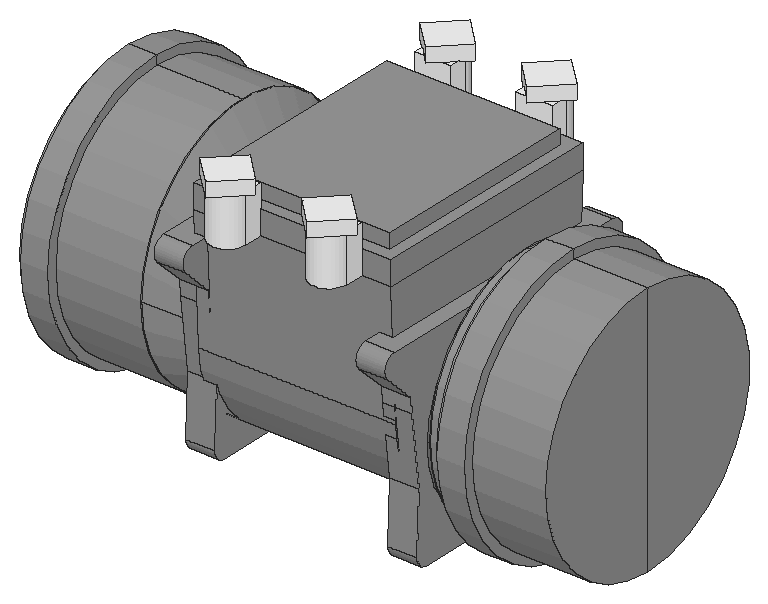
Revit family "HL_Механический канализационный затвор_HL720", category Příslušenství trubek, Revit 2016
Family settings
  Typ součásti = Normální
  Kóta kulaté spojky = Použít průměr
  Číslo OmniClass = 23.65.55.14.21
  Nadpis OmniClass = Non-Return Valves for Liquid Services
  Založené na pracovní rovině = Ne
  Vždy vertikální = Ano
  Ořezat dutým tvarem při načtení = Ne
  Sdílené = Ne
Parameters (values of type "HL_Механический канализационный затвор_HL720")
  РАЗМЕР = "DN200"
  ПРОПУСКНАЯ СПОСОБНОСТЬ [instance] = 0.0 m³/h
  ПРАВОВАЯ ИНФОРМАЦИЯ = "\"Авторские права(©), права на дизайн или какие либо другие права интелектуальной собственности являются исключительной собственностью компании HL Hutterer & Lechner. Изменению не подлежит. Файл семейства с данными о прозводителе изделия защищен паролем с водяным знаком.\""
  ПАДЕНИЕ ДАВЛЕНИЯ [instance] = 0.0 Pa
  НОМИНАЛЬНЫЙ ДИАМЕТР 2 = 200 mm
  НОМИНАЛЬНЫЙ ДИАМЕТР = 200 mm
  МАТЕРИАЛ = "ABS"
  ВЫСОТА МОНТАЖА = "246 mm"
  ВЕС = "4,06 kg"
  Výrobce = "HL Hutterer & Lechner GmbH"
  URL = "http://www.hutterer-lechner.com/ru/products/catalog/roof-drains/HL720.aspx"
  Popis = "Механический канализационный затвор"
  Model = "HL720"
  Komentáře k typům = "Механический канализационный затвор DN200 с автоматической заслонкой из нержавеющей стали."
  Keynote = "HL720"
  EAN = "9003076907205"
  Cena = 0
Types (2, lengths in mm): name | URL | Popis | Komentáře k typům
  (no name) | "http://www.hutterer-lechner.com/en/products/catalog/roof-drains/HL720.aspx" | "Anti flood valves" | "anti-flood valve DN200 with stainless steel flap"
  HL_Механический канализационный затвор_HL720 | "http://www.hutterer-lechner.com/ru/products/catalog/roof-drains/HL720.aspx" | "Механический канализационный затвор" | "Механический канализационный затвор DN200 с автоматической заслонкой из нержавеющей стали."
Values of the unnamed type that differ from the named types
  ПРАВОВАЯ ИНФОРМАЦИЯ = "\"Copyright (©), design rights or any other intellectual property rights, shall be the exclusive property of HL Hutterer & Lechner GmbH. Modification is not allowed. Family has been watermarked.\""
Reference planes
  plane 1 "Střed (vpředu/vzadu)": y = 0
  plane 2: z = 0
  plane 3 "Střed (vlevo/vpravo)": x = 0
Forms (mm)
  Extrusion 1, solid, material "Plastic - Orange", detail levels fine
    sketch origin (127, 0, 111.5) x (1, 0, 0) y (0, 1, 0)
      loop
        line (70, -88.309) -> (70, 88.309) -> (-73, 88.309) -> (-73, -88.309) -> (70, -88.309)
    from -12 to 0
  Extrusion 2, solid, material "Plastic - Orange", detail levels fine
    sketch origin (127, 0, 99.5) x (0, 1, 0) y (1, 0, 0)
      loop
        line (99.13, -83) -> (99.13, 80) -> (-98.87, 80) -> (-98.87, -83) -> (99.13, -83)
    from 0 to 20
  Sweep 3, solid, material "Plastic - Orange", detail levels fine
    path origin (127, 0, 111.5) x (1, 0, 0) y (0, 0, 1)
      loop
        line (80, -32) -> (-83, -32)
    profile origin (125.5, 0, 79.5) x (0, 0, -1) y (0, -1, 0)
      loop
        line (0, -99.13) -> (104.005, -94.138)
        arc (104.005, -94.138) -> (166.421, -64.809) -> (189.998, 0) r 90.409
        arc (189.998, 0) -> (166.421, 64.809) -> (104.005, 94.138) r 90.409
        line (104.005, 94.138) -> (0, 99.13) -> (0, 0) -> (0, -99.13)
  Extrusion 4, solid, material "Plactic - White", detail levels fine
    sketch origin (127, 0, 111.5) x (1, 0, 0) y (0, 1, 0)
      loop
        line (40.5, -136.497) -> (63.127, -113.87) -> (40.5, -91.242) -> (17.873, -113.87) -> (40.5, -136.497)
    from 7.235 to 19.235
  Extrusion 5, solid, material "Plactic - White", detail levels fine
    sketch origin (127, 0, 118.735) x (0, 1, 0) y (1, 0, 0)
      loop
        arc (-113.87, 55.5) -> (-128.87, 40.5) -> (-113.87, 25.5) r 15
        line (-113.87, 25.5) -> (-98.52, 25.5) -> (-98.52, 55.5) -> (-113.87, 55.5)
    from 0 to 39.235
  Extrusion 6, solid, material "Plactic - White", detail levels fine
    sketch origin (43, 0, 111.5) x (1, 0, 0) y (0, 1, 0)
      loop
        line (40.5, -136.497) -> (63.127, -113.87) -> (40.5, -91.242) -> (17.873, -113.87) -> (40.5, -136.497)
    from 7.235 to 19.235
  Extrusion 7, solid, material "Plactic - White", detail levels fine
    sketch origin (43, 0, 118.735) x (0, 1, 0) y (1, 0, 0)
      loop
        arc (-113.87, 55.5) -> (-128.87, 40.5) -> (-113.87, 25.5) r 15
        line (-113.87, 25.5) -> (-98.52, 25.5) -> (-98.52, 55.5) -> (-113.87, 55.5)
    from 0 to 39.235
  Extrusion 8, solid, material "Plactic - White", detail levels fine
    sketch origin (127, 0, 111.5) x (1, 0, 0) y (0, 1, 0)
      loop
        line (40.5, 136.497) -> (17.873, 113.87) -> (40.5, 91.242) -> (63.127, 113.87) -> (40.5, 136.497)
    from 7.235 to 19.235
  Extrusion 9, solid, material "Plactic - White", detail levels fine
    sketch origin (127, 0, 118.735) x (0, -1, 0) y (1, 0, 0)
      loop
        arc (-113.87, 55.5) -> (-128.87, 40.5) -> (-113.87, 25.5) r 15
        line (-113.87, 25.5) -> (-98.52, 25.5) -> (-98.52, 55.5) -> (-113.87, 55.5)
    from 0 to 39.235
  Extrusion 10, solid, material "Plactic - White", detail levels fine
    sketch origin (43, 0, 111.5) x (1, 0, 0) y (0, 1, 0)
      loop
        line (40.5, 136.497) -> (17.873, 113.87) -> (40.5, 91.242) -> (63.127, 113.87) -> (40.5, 136.497)
    from 7.235 to 19.235
  Extrusion 11, solid, material "Plactic - White", detail levels fine
    sketch origin (43, 0, 118.735) x (0, -1, 0) y (1, 0, 0)
      loop
        arc (-113.87, 55.5) -> (-128.87, 40.5) -> (-113.87, 25.5) r 15
        line (-113.87, 25.5) -> (-98.52, 25.5) -> (-98.52, 55.5) -> (-113.87, 55.5)
    from 0 to 39.235
  Extrusion 12, solid, material "Plastic - Orange", detail levels fine
    sketch origin (127, 0, 111.5) x (0, 1, 0) y (0, 0, 1)
      loop
        arc (-112.5, -69.599) -> (-121.739, -75.772) -> (-119.571, -86.67) r 10
        line (-119.571, -86.67) -> (-96.14, -110.101) -> (-95.533, -122.745) -> (-88.249, -181.291) -> (-90.006, -231.593)
        arc (-90.006, -231.593) -> (-87.075, -238.668) -> (-80, -241.599) r 10.006
        line (-80, -241.599) -> (0, -241.599) -> (80, -241.599)
        arc (80, -241.599) -> (87.075, -238.668) -> (90.006, -231.593) r 10.006
        line (90.006, -231.593) -> (88.249, -181.291) -> (95.533, -122.745) -> (96.14, -110.101) -> (119.571, -86.67)
        arc (119.571, -86.67) -> (121.739, -75.772) -> (112.5, -69.599) r 10
        line (112.5, -69.599) -> (0, -69.599) -> (-112.5, -69.599)
    from 70 to 94
  Extrusion 13, solid, material "Plastic - Orange", detail levels fine
    sketch origin (127, 0, 132.099) x (0, 1, 0) y (0, 0, 1)
      loop
        arc (-112.5, -69.599) -> (-121.739, -75.772) -> (-119.571, -86.67) r 10
        line (-119.571, -86.67) -> (-96.14, -110.101) -> (-95.533, -122.745) -> (-88.249, -181.291) -> (-90.006, -231.593)
        arc (-90.006, -231.593) -> (-87.075, -238.668) -> (-80, -241.599) r 10.006
        line (-80, -241.599) -> (0, -241.599) -> (80, -241.599)
        arc (80, -241.599) -> (87.075, -238.668) -> (90.006, -231.593) r 10.006
        line (90.006, -231.593) -> (88.249, -181.291) -> (95.533, -122.745) -> (96.14, -110.101) -> (119.571, -86.67)
        arc (119.571, -86.67) -> (121.739, -75.772) -> (112.5, -69.599) r 10
        line (112.5, -69.599) -> (0, -69.599) -> (-112.5, -69.599)
    from -97 to -73
  Revolve 14, solid, material "Plastic - Orange", detail levels fine
    sketch origin (127, 0, 111.5) x (1, 0, 0) y (0, 0, 1)
      loop
        line (-222, -111.5) -> (-122, -111.5) -> (-122, -6.5) -> (-193, -6.5) -> (-193, 0.981) -> (-215.833, 0.981) -> (-215.833, -6.5) -> (-222, -6.5) -> (-222, -111.5)
      axis (-122, -111.5) -> (-222, -111.5)
    angle from 0 to 360
  Blend 15, solid, material "Plastic - Orange", detail levels fine
    base sketch origin (127, 0, 111.5) x (0, 1, 0) y (0, 0, 1)
      loop
        circle (0, -111.5) r 105
    top sketch origin (0, 0, 111.5) x (0, 1, 0) y (0, 0, 1)
      loop
        circle (0, -129) r 80
    from -122 to 30
  Blend 16, solid, material "Plastic - Orange", detail levels fine
    base sketch origin (127, 0, 88.46) x (0, 1, 0) y (0, 0, -1)
      loop
        circle (0, 111.5) r 100
    top sketch origin (127, 0, 88.46) x (0, 1, 0) y (0, 0, -1)
      loop
        circle (0, 129) r 80
    from -112.862 to -94
  Extrusion 17, solid, material "Plastic - Orange", not visible, detail levels fine
    sketch origin (239.862, 0, 73.172) x (0, -1, 0) y (0, 0, -1)
      loop
        circle (0, 96.212) r 100
    from 0 to 100
  Revolve 18, solid, material "Plastic - Orange", detail levels fine
    sketch origin (471.862, 0, 88.46) x (1, 0, 0) y (0, 0, 1)
      loop
        line (-232, -111.5) -> (-132, -111.5) -> (-132, -6.5) -> (-193, -6.5) -> (-193, 0.981) -> (-215.833, 0.981) -> (-215.833, -6.5) -> (-222, -6.5) -> (-222, -11.5) -> (-232, -11.5) -> (-232, -111.5)
      axis (-132, -111.5) -> (-232, -111.5)
    angle from 0 to 360
Lines and regions (mm)
  model lines, style "Symbol", detail levels coarse+medium
    curve 1: line (0, 0, 0) -> (339.862, 0, -23.04)
    curve 2: line (293.434, 0, -74.639) -> (293.434, 0, 45.361)
    curve 3: line (293.434, 0, -74.639) -> (43.434, 0, -74.639)
    curve 4: line (43.434, 0, -74.639) -> (43.434, 0, 45.361)
    curve 5: line (43.434, 0, 45.361) -> (293.434, 0, 45.361)
  symbolic lines, style "Symbol", detail levels coarse+medium
    curve 6: line (339.862, 0, 0) -> (0, 0, 0)
    curve 7: line (294.931, -60, 0) -> (294.931, 60, 0)
    curve 8: line (294.931, -60, 0) -> (44.931, -60, 0)
    curve 9: line (44.931, -60, 0) -> (44.931, 60, 0)
    curve 10: line (44.931, 60, 0) -> (294.931, 60, 0)
    curve 11: line (169.931, -105, 0) -> (169.931, 105, 0)
  model lines, detail levels coarse+medium
    curve 12: line (160.622, 0, -10.889) -> (160.622, 0, 94.111)
    curve 13: line (160.622, 0, -115.889) -> (160.622, 0, -10.889)
Dimensions and locks
  aligned and locked: level to plane 2
Connectors
  piping at (0, 0, 0), diameter 200, driven by "ПАДЕНИЕ ДАВЛЕНИЯ", driven by "НОМИНАЛЬНЫЙ ДИАМЕТР", driven by "ПРОПУСКНАЯ СПОСОБНОСТЬ"
    settings: on plane 3 "Střed (vlevo/vpravo)", index 1, connector inside diameter 609.6 mm, connector length 0 mm, flow factor 0, pipe flow 0.0 m³/h, pressure drop 0.0 Pa, fitting loss kfactor 0, connector angle 0.00°, fixture units 0, engagement length 0 mm, angle of deflection 0.00°, flow configuration 0, flow direction 0, fitting loss method 4, system type 16, joint type 0, gender type 0, connector reference index -1, connector utility 0, adjustable connector no, is connector primary yes, connector description ""
  piping at (339.862, 0, -23.04), diameter 200, driven by "НОМИНАЛЬНЫЙ ДИАМЕТР 2", driven by "ПРОПУСКНАЯ СПОСОБНОСТЬ"
    settings: on Extrusion 17, index 2, connector inside diameter 609.6 mm, connector length 0 mm, flow factor 0, pipe flow 0.0 m³/h, pressure drop 0.0 Pa, fitting loss kfactor 0, connector angle 0.00°, fixture units 0, engagement length 0 mm, angle of deflection 0.00°, flow configuration 1, flow direction 2, fitting loss method 4, system type 16, joint type 0, gender type 0, connector reference index -1, connector utility 0, adjustable connector no, is connector primary no, connector description ""
